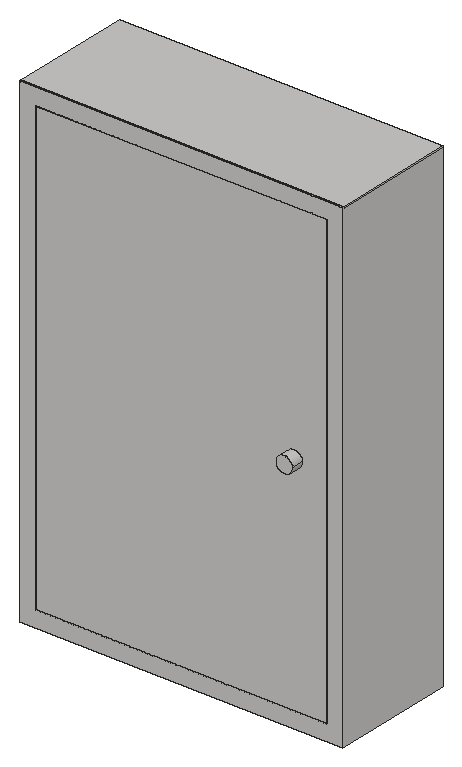
Revit family "FA_ШкафГЭШ_EZETEK", category Системы пожарной сигнализации, Revit 2017
Family settings
  Сохранять ориентацию аннотаций = Нет
  Размер круглого соединителя = Использовать радиус
  Тип детали = Нормальный
  На основе рабочей плоскости = Нет
  Всегда вертикально = Да
  При загрузке вырезать с полостями = Нет
  Общий = Нет
  Точка расчета площади = Нет
Parameters (values of type "Шкаф шины заземления 20 подключений_88042")
  Описание = "Шкафы шины заземления выполнены на основе медной полосы 40х4 мм, помещенной в стальной оцинкованный корпус. Главная заземляющая шина объединяет нулевые защитные и нулевые рабочие совмещенные проводники питающей линии; выводы контура заземления; заземляющие проводники; проводники системы уравнивания потенциалов. Для присоединения проводников используются болты и гайки из нержавеющей стали. Главная заземляющая шина рассчитана на максимальный длительный ток 630 А."  # constant formula
  Производитель_Контакты = "ezetek@ezetek.ru"  # constant formula
  Изготовитель = "Ezetek"  # constant formula
  Группа модели = "ГЗШ и шкафы ГЗШ"  # constant formula
  URL = "https://ezetek.ru/"
  ADSK_Этаж [instance] = ""
  ADSK_Размер_Ширина = 400 mm
  ADSK_Размер_Глубина = 155 mm
  ADSK_Размер_Высота = 600 mm
  ADSK_Примечание [instance] = ""
  ADSK_Позиция [instance] = ""
  ADSK_Обозначение = "88042"
  ADSK_Наименование краткое [instance] = "Шкаф шины заземления"
  ADSK_Наименование = "Шкаф шины заземления 20 подключений 600х400х155 мм"
  ADSK_Материал = BIMLIB_Сталь_Нержавеющая_EZETEK
  ADSK_Масса_Текст = "6.18"
  ADSK_Масса = 6.18
  ADSK_Марка = "88042"
  ADSK_Количество = 1  # constant formula
  ADSK_Код изделия = "88042"
  ADSK_Завод-изготовитель = "Ezetek"  # constant formula
  ADSK_Единица измерения = "шт."  # constant formula
  ADSK_Группирование [instance] = ""
  ADSK_Версия Revit = "2017"  # constant formula
Types (2, lengths in mm): name | ADSK_Размер_Ширина | ADSK_Размер_Высота | ADSK_Обозначение | ADSK_Наименование | ADSK_Масса_Текст | ADSK_Масса | ADSK_Марка | ADSK_Код изделия
  Шкаф шины заземления 20 подключений_88042 | 400 | 600 | "88042" | "Шкаф шины заземления 20 подключений 600х400х155 мм" | "6.18" | 6.18 | "88042" | "88042"
  Шкаф шины заземления 10 подключений_88043 | 300 | 250 | "88043" | "Шкаф шины заземления 10 подключений 250х300х155 мм" | "3.14" | 3.14 | "88043" | "88043"
Reference planes
  plane 1 "По центру (Вперед/Назад)": y = 0
  plane 2: z = 0
  plane 3 "По центру (Влево/Вправо)": x = 0
  plane 4: y = -155
  plane 5: x = -200
  plane 6: x = 200
  plane 7: x = -198
  plane 8: x = 198
  plane 9: y = -153
  plane 10: x = -180
  plane 11: x = 180
  plane 12: y = -2
  plane 13: z = 2
  plane 14: z = 598
  plane 15: z = 600
  plane 16: z = 580
  plane 17: z = 20
  plane 18: z = 300
  plane 19: x = 140
  plane 20: y = -170
Forms (mm)
  Extrusion 1, solid, material "BIMLIB_Сталь_Нержавеющая_EZETEK" <- "ADSK_Материал", detail levels medium+fine
    sketch origin (0, 0, 0) x (1, 0, 0) y (0, 1, 0)
      loop
        line (-200, 0) -> (-200, -155) -> (-180, -155) -> (-180, -153) -> (-198, -153) -> (-198, -2) -> (198, -2) -> (198, -153) -> (180, -153) -> (180, -155) -> (200, -155) -> (200, 0) -> (-200, 0)
    from 598 to 2
  Extrusion 2, solid, material "BIMLIB_Сталь_Нержавеющая_EZETEK" <- "ADSK_Материал", detail levels medium+fine
    sketch origin (0, 0, 0) x (1, 0, 0) y (0, 1, 0)
      loop
        line (-200, 0) -> (-200, -155) -> (200, -155) -> (200, 0) -> (-200, 0)
    from 2 to 0
  Extrusion 3, solid, material "BIMLIB_Сталь_Нержавеющая_EZETEK" <- "ADSK_Материал", detail levels medium+fine
    sketch origin (0, 0, 0) x (1, 0, 0) y (0, 1, 0)
      loop
        line (-200, 0) -> (-200, -155) -> (200, -155) -> (200, 0) -> (-200, 0)
    from 600 to 598
  Extrusion 4, solid, material "BIMLIB_Сталь_Нержавеющая_EZETEK" <- "ADSK_Материал", detail levels medium+fine
    sketch origin (0, 0, 0) x (1, 0, 0) y (0, 0, 1)
      loop
        line (-200, 20) -> (-200, 0) -> (200, 0) -> (200, 20) -> (-200, 20)
      loop
        line (-200, 600) -> (-200, 580) -> (200, 580) -> (200, 600) -> (-200, 600)
    from 155 to 153
  Extrusion 5, solid, material "BIMLIB_Сталь_Нержавеющая_EZETEK" <- "ADSK_Материал", detail levels medium+fine
    sketch origin (0, 0, 0) x (1, 0, 0) y (0, 0, 1)
      loop
        line (-180, 580) -> (-180, 20) -> (180, 20) -> (180, 580) -> (-180, 580)
    from 155 to 153
  Extrusion 6, solid, material "BIMLIB_Сталь_Нержавеющая_EZETEK" <- "ADSK_Материал", detail levels medium+fine
    sketch origin (0, 0, 0) x (1, 0, 0) y (0, 0, 1)
      loop
        circle (140, 300) r 10
    from 170 to 153
Cuts and joins
  joined: Extrusion 1, Extrusion 2, Extrusion 4
  joined: Extrusion 3, Extrusion 5, Extrusion 6
Dimensions and locks
  equal spacing: plane 5, plane 3 "По центру (Влево/Вправо)", plane 6
  "ADSK_Размер_Ширина": plane 5 to plane 6
  "ADSK_Размер_Глубина": plane 4 to plane 1 "По центру (Вперед/Назад)"
  locked: plane 5 to plane 7 at 2
  locked: plane 8 to plane 6 at 2
  locked: plane 9 to plane 4 at 2
  locked: plane 5 to plane 10 at 20
  locked: plane 11 to plane 6 at 20
  locked: plane 1 "По центру (Вперед/Назад)" to plane 12 at 2
  locked: plane 13 to plane 2 at 2
  locked: plane 15 to plane 14 at 2
  "ADSK_Размер_Высота": plane 15 to plane 2
  locked: plane 15 to plane 16 at 20
  locked: plane 17 to plane 2 at 20
  equal spacing: plane 15, plane 18, plane 2
  locked: plane 11 to plane 19 at 40
  plane 4 to plane 20 = 15 mm
  aligned and locked: level to plane 2
  aligned and locked: plane 1 "По центру (Вперед/Назад)" to Extrusion 1 sketch curve
  aligned and locked: Extrusion 1 sketch curve to plane 5
  aligned and locked: plane 4 to Extrusion 1 sketch curve  (x2)
  aligned and locked: Extrusion 1 sketch curve to plane 6
  aligned and locked: Extrusion 1 sketch curve to plane 12
  aligned and locked: Extrusion 1 sketch curve to plane 7
  aligned and locked: plane 9 to Extrusion 1 sketch curve  (x2)
  aligned and locked: Extrusion 1 sketch curve to plane 8
  aligned and locked: Extrusion 1 sketch curve to plane 10
  aligned and locked: Extrusion 1 sketch curve to plane 11
  aligned and locked: Extrusion 1 to plane 13
  aligned and locked: Extrusion 2 sketch curve to Extrusion 1  (x4)
  aligned and locked: Extrusion 2 to Extrusion 1
  aligned and locked: Extrusion 2 to level
  aligned and locked: plane 14 to cut or joined group of Extrusion 1, Extrusion 2, Extrusion 4
  aligned and locked: Extrusion 3 sketch curve to plane 5
  aligned and locked: plane 1 "По центру (Вперед/Назад)" to Extrusion 3 sketch curve
  aligned and locked: Extrusion 3 sketch curve to plane 6
  aligned and locked: plane 4 to Extrusion 3 sketch curve
  aligned and locked: plane 15 to Extrusion 3
  aligned and locked: Extrusion 3 to cut or joined group of Extrusion 1, Extrusion 2, Extrusion 4
  aligned and locked: Extrusion 4 sketch curve to plane 17
  aligned and locked: plane 2 to Extrusion 4 sketch curve
  aligned and locked: Extrusion 4 sketch curve to cut or joined group of Extrusion 1, Extrusion 2, Extrusion 4
  aligned and locked: Extrusion 4 sketch curve to plane 5  (x2)
  aligned and locked: Extrusion 4 sketch curve to plane 15
  aligned and locked: plane 16 to Extrusion 4 sketch curve
  aligned and locked: Extrusion 4 sketch curve to plane 6
  aligned and locked: Extrusion 4 to plane 4
  aligned and locked: plane 9 to Extrusion 4
  aligned and locked: Extrusion 5 sketch curve to plane 10
  aligned and locked: Extrusion 5 sketch curve to plane 11
  aligned and locked: Extrusion 5 sketch curve to plane 16
  aligned and locked: plane 17 to Extrusion 5 sketch curve
  aligned and locked: Extrusion 5 to plane 4
  aligned and locked: plane 9 to Extrusion 5
  aligned and locked: plane 19 to Extrusion 6 sketch curve
  aligned and locked: plane 18 to Extrusion 6 sketch curve
  aligned and locked: plane 9 to Extrusion 6
  aligned and locked: Extrusion 6 to plane 20
Automatic sketch dimensions
  radius of Extrusion 6 sketch curve = 10 mm
